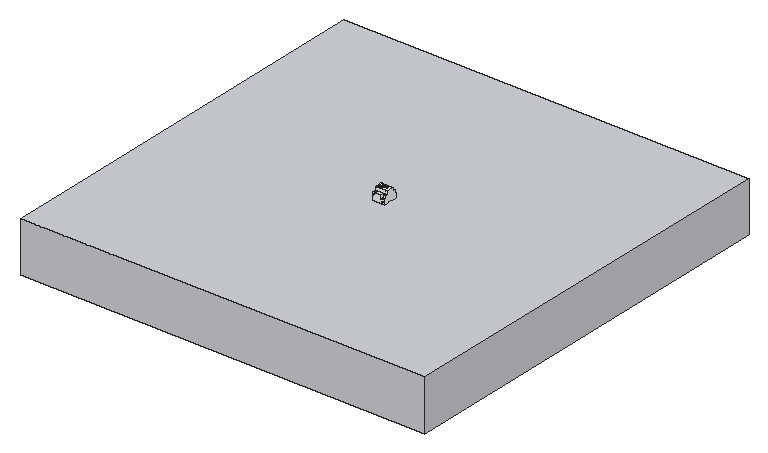
Revit family "Gira_104000", category Elektroinstallationen, Revit 2017
Family settings
  Basisbauteil = Fläche
  Beschriftungsausrichtung beibehalten = Nein
  Bemaßung runder Anschluss = Durchmesser verwenden
  Teiletyp = Normal
  Beim Laden mit Abzugskörper schneiden = Nein
  Gemeinsam genutzt = Nein
  Raumberechnungspunkt = Nein
Parameters (values of type "Schaltaktor 2f 16 A Hand KNX REG")
  Zusammenstellung = ""
  Zulassung nach PTB = no
  Default Elevation = 1219.2 mm
  Vor Ort-/Handbedienung = yes
  Verschiedene Phasen anschließbar = no
  Ventilschutzfunktion = no
  URL = "https://www.gira.de/"
  Typname = "Schaltaktor 2f 16 A Hand KNX REG"
  Type Comments = ""
  Tarifumschaltung = no
  Stellgröße stetig = no
  Stellgröße schaltend = no
  Schutzart (IP) = ""
  S0 Impulsschnittstelle = ""
  Produktseite = "https://media.stage.bim.site/t/eyJhbGciOiJIUzI1NiIsInR5cCI6IkpXVCJ9.eyJjdCI6MiwidHUiOiJodHRwOi8va2F0YWxvZy5naXJhLmRlL2RlX0RFL2RhdGVuYmxhdHQuaHRtbD9hcnRpa2VsbnI9MTA0MDAwIiwiY2lkIjoiMzI3N2NjMjMtODFhOS00ZWUzLWE5MGEtYjQ3YmI0YzBiNjE2IiwicmlkIjoiZWY0Y2NiMTcyNDEzY2MyMTQ2Y2EzYTFkYWIwZjIyZjIiLCJwaWQiOiIzOWI5NTIzZDViZjYxODM3Mzg1ZjQxZGJjZjFjNTE2MzAwODdjMTFhIiwic2lkIjoiNjM0NzAiLCJ1dCI6MSwibGMiOiJkZSIsImlhdCI6MTYwMDkzNzA2MSwiaXNzIjoiaHR0cHM6Ly9hcGkubGl2ZS5iaW0uc2l0ZSIsInN1YiI6ImFkbWluQGJpbXNpdGUuZGV2In0.8Zv8BbNxSNwSBUqNkbaRrFQhjFsXAssejsllW67_GDc"
  Montageart = "REG"
  Modulare Erweiterungsmöglichkeit = no
  Model = ""
  Mit LED-Anzeige = no
  Mit Busankopplung = yes
  Max. Anzahl der Schaltausgänge = 0
  Kosten = 0
  Hersteller = "Gira"
  HeinzeBIM = "https://www.heinze.de/bim/schaltaktor-2f-16-a-hand-knx-reg/39b9523d5bf61837385f41dbcf1c51630087c11a"
  Handschaltung = no
  HAN = "104000"
  Geeignet für C-Last = no
  GTIN = "4010337058359"
  Datenblatt 1 = "https://media.stage.bim.site/t/eyJhbGciOiJIUzI1NiIsInR5cCI6IkpXVCJ9.eyJjdCI6MSwidGYiOiJwdWJsaWMvZ2lyYS9hZThjNTU3LzEwNDAwMC50eHQiLCJjaWQiOiIzMjc3Y2MyMy04MWE5LTRlZTMtYTkwYS1iNDdiYjRjMGI2MTYiLCJyaWQiOiJlZjRjY2IxNzI0MTNjYzIxNDZjYTNhMWRhYjBmMjJmMiIsInBpZCI6IjM5Yjk1MjNkNWJmNjE4MzczODVmNDFkYmNmMWM1MTYzMDA4N2MxMWEiLCJzaWQiOiI2MzQ3MCIsInV0IjoxLCJsYyI6ImRlIiwiaWF0IjoxNjAwOTM3MDYxLCJpc3MiOiJodHRwczovL2FwaS5saXZlLmJpbS5zaXRlIiwic3ViIjoiYWRtaW5AYmltc2l0ZS5kZXYifQ.UYfOQMhGYVoOt2DSCiBZ0cD9aX3RKyEXaMw8Es7M_Cg/104000.txt"
  Datenblatt = "https://media.stage.bim.site/t/eyJhbGciOiJIUzI1NiIsInR5cCI6IkpXVCJ9.eyJjdCI6MSwidHUiOiJodHRwczovL2thdGFsb2cuZ2lyYS5kZS9kZV9ERS9kb3dubG9hZC5odG1sP2FydGlrZWxucj0xMDQwMDAiLCJjaWQiOiIzMjc3Y2MyMy04MWE5LTRlZTMtYTkwYS1iNDdiYjRjMGI2MTYiLCJyaWQiOiJlZjRjY2IxNzI0MTNjYzIxNDZjYTNhMWRhYjBmMjJmMiIsInBpZCI6IjM5Yjk1MjNkNWJmNjE4MzczODVmNDFkYmNmMWM1MTYzMDA4N2MxMWEiLCJzaWQiOiI2MzQ3MCIsInV0IjoxLCJsYyI6ImRlIiwiaWF0IjoxNjAwOTM3MDYxLCJpc3MiOiJodHRwczovL2FwaS5saXZlLmJpbS5zaXRlIiwic3ViIjoiYWRtaW5AYmltc2l0ZS5kZXYifQ.qQ6HUxo8zoYwlXL4RzVMb3jJP8uiX2gtvLEaYTzUKlo"
  Bussystem Powernet = no
  Bussystem LON = no
  Bussystem KNX-Funk = no
  Bussystem KNX = yes
  Bussystem Funkbus = no
  Busspannung pufferbar = no
  Busfähig = ""
  Breite in Teilungseinheiten = 4
  Blindleistung = no
  Beschreibung = "KNX Schaltaktor 2fach 16 A mit Handbetätigung  REG plus REG-Schaltaktoren mit integrierter Busankopplung. Zum Schalten von unabhängig ansteuerbaren Lastgruppen. Mit Handschalter zur Umschaltung des Relais (Ein Aus) parallel bzw. ohne KNX Betrieb. Anschluss mehrphasig. Keine zusätzliche Spannungsversorgung erforderlich.  Merkmale:  Handbetätigung der Relais unabhängig vom Bus bzw. der Schaltstellungsanzeige.  Schließer- oder Öffnerbetrieb.  Zentrale Schaltfunktion.  Sammelrückmeldung zur Reduzierung der Buslast.  Aktive oder passive (Objekt auslesbar) zyklische Rückmeldefunktion.  Rückmeldungen lassen sich nach Busspannungswiederkehr verzögern.  Logische Verknüpfungsfunktion für jeden Ausgang.  Sperrfunktion für jeden Kanal parametrierbar. Alternativ Zwangsstellungsfunktion für jeden Ausgang.  Zeitfunktionen (Ein- bzw. Ausschaltverzögerung, Treppenlichtfunktion - auch mit Vorwarnfunktion).  Einbeziehung in Lichtszenen möglich, max. acht interne Szenen je Kanal sind parametrierbar.  Speicherfunktion für Lichtszenen.  Betriebsstundenzähler als Vorwärts- Rückwärtszähler mit Grenzwertfunktion (Grenzwert über Bus veränderbar) für jeden Ausgang aktivierbar.  Eingangsüberwachung auf zyklische Aktualisierung mit Sicherheitsstellung.  Reaktionen bei Busspannungsausfall und -wiederkehr und nach einem ETS-Programmiervorgang für jeden Kanal einstellbar.  Unabhängiges Schalten der zwei Ausgänge.  Hinweise :  Montage auf DIN-Hutschiene.  VDE-Zulassung gemäß EN 60669-1, EN 60669-2-1."
  Assembly Code = ""
  Keynote = ""
  BIMSITE_PRODUCT_ID = "39b9523d5bf61837385f41dbcf1c51630087c11a"
  BIM = "https://media.stage.bim.site/t/eyJhbGciOiJIUzI1NiIsInR5cCI6IkpXVCJ9.eyJjdCI6MSwidGYiOiJwdWJsaWMvZ2lyYS9hZThjNTU3L1JFRyA4Zi5yZmEiLCJjaWQiOiIzMjc3Y2MyMy04MWE5LTRlZTMtYTkwYS1iNDdiYjRjMGI2MTYiLCJyaWQiOiJlZjRjY2IxNzI0MTNjYzIxNDZjYTNhMWRhYjBmMjJmMiIsInBpZCI6IjM5Yjk1MjNkNWJmNjE4MzczODVmNDFkYmNmMWM1MTYzMDA4N2MxMWEiLCJzaWQiOiI2MzQ3MCIsInV0Ijo1LCJsYyI6ImRlIiwiaWF0IjoxNjAwOTM3MDYxLCJpc3MiOiJodHRwczovL2FwaS5saXZlLmJpbS5zaXRlIiwic3ViIjoiYWRtaW5AYmltc2l0ZS5kZXYifQ.mVKq0KVdInYJVAgzN9ROWB28x7B587l6cNHHaG9_zz8/REG 8f.rfa"
  Ausgangsstrom [Ampere] = ""
  Ausgangsspannung [Volt] = ""
  Ausführung Text = ""
  Art der Spannungsversorgung = ""
  Anzahl der binären Eingänge = 0
  Anzahl der Ausgänge = 0
  Anschlussart = ""
  Andere Bussysteme = "ohne"
Reference planes
  plane 1 "Center (Front/Back)": y = 0
  plane 2: z = 0
  plane 3 "Center (Left/Right)": x = 0
Forms (mm)
  Extrusion 1, solid
    sketch origin (0, 0, 0) x (1, 0, 0) y (0, 1, 0)
      loop
        line (-1219.2, 1219.2) -> (-1219.2, -1219.2) -> (1219.2, -1219.2) -> (1219.2, 1219.2) -> (-1219.2, 1219.2)
    from 0 to -304.8
  Extrusion 2, solid, material "White", detail levels fine
    sketch origin (0, 0, 0) x (0, 1, 0) y (0, 0, 1)
      loop
        line (45.125, -2.619) -> (45.125, 24.95) -> (33.875, 24.95) -> (33.875, 43.8) -> (22.575, 43.8) -> (22.575, 62.05)
        arc (22.575, 62.05) -> (22.311, 62.686) -> (21.675, 62.95) r 0.9
        line (21.675, 62.95) -> (-21.175, 62.95)
        arc (-21.175, 62.95) -> (-21.785, 62.758) -> (-22.175, 62.25) r 1.064
        line (-22.175, 62.25) -> (-22.175, 43.8) -> (-44.725, 43.8) -> (-44.725, -2.619)
        arc (-44.725, -2.619) -> (-31.081, -5.433) -> (-17.243, -7.049) r 160
        line (-17.243, -7.049) -> (-13.165, -1.734) -> (-16.399, -0.807) -> (-16.399, 0) -> (17.8, 0) -> (17.8, -1.4) -> (16.8, -1.4) -> (14.749, -4.952)
        arc (14.749, -4.952) -> (18.64, -6.184) -> (22.7, -6.6) r 20
        arc (22.7, -6.6) -> (33.983, -5.009) -> (45.125, -2.619) r 160
    from -36 to 36
  Extrusion 3, void, detail levels fine
    sketch origin (0, 0, 0) x (1, 0, 0) y (0, 1, 0)
      loop
        circle (30, 26.925) r 2.55
      loop
        circle (21.75, 26.925) r 2.55
      loop
        circle (12.75, 26.925) r 2.55
      loop
        circle (4.5, 26.925) r 2.55
      loop
        circle (-4.5, 26.925) r 2.55
      loop
        circle (-12.75, 26.925) r 2.55
      loop
        circle (-21.75, 26.925) r 2.55
      loop
        circle (-30, 26.925) r 2.55
    from 37.936 to 43.8
  Extrusion 4, void, detail levels fine
    sketch origin (0, 11.25, -18.85) x (1, 0, 0) y (0, 1, 0)
      loop
        circle (30, 26.925) r 2.55
      loop
        circle (21.75, 26.925) r 2.55
      loop
        circle (12.75, 26.925) r 2.55
      loop
        circle (4.5, 26.925) r 2.55
      loop
        circle (-4.5, 26.925) r 2.55
      loop
        circle (-12.75, 26.925) r 2.55
      loop
        circle (-21.75, 26.925) r 2.55
      loop
        circle (-30, 26.925) r 2.55
    from 37.936 to 43.8
  Extrusion 5, void, detail levels fine
    sketch origin (0, 0, 0) x (1, 0, 0) y (0, 1, 0)
      loop
        circle (-13, -3.875) r 3
      loop
        circle (-23, -3.875) r 3
      loop
        circle (-23, -13.875) r 3
      loop
        circle (-13, -13.875) r 3
      loop
        circle (-29, -3.875) r 1.575
      loop
        circle (-29, -13.875) r 1.575
      loop
        circle (-7, -13.875) r 1.575
      loop
        circle (-15.4, 5.325) r 1.625
      loop
        circle (-11, 5.325) r 1.575
      loop
        circle (-6.6, 5.325) r 1.625
      loop
        circle (-2.2, 5.325) r 1.625
      loop
        circle (2.2, 5.325) r 1.625
      loop
        circle (6.6, 5.325) r 1.625
      loop
        circle (11, 5.325) r 1.575
      loop
        circle (15.4, 5.325) r 1.625
    from 58.253 to 62.95
  Extrusion 6, void, detail levels fine
    sketch origin (0, 0, 0) x (1, 0, 0) y (0, 1, 0)
      loop
        line (-32.175, -32.6) -> (-32.175, -34.9) -> (-31.24, -34.36) -> (-31.401, -37.165) -> (-32.175, -36.7) -> (-32.175, -44.875) -> (-20.175, -44.875) -> (-20.175, -37.33) -> (-19.075, -37.965) -> (-19.075, -33.635) -> (-20.175, -34.27) -> (-20.175, -32.6) -> (-32.175, -32.6)
    from 28.5 to 43.8
  Extrusion 7, solid, detail levels fine
    sketch origin (0, 0, 0) x (1, 0, 0) y (0, 1, 0)
      loop
        circle (-29.375, -36.2) r 0.5
      loop
        circle (-23.575, -36.2) r 0.5
    from 28.5 to 37.5
  Extrusion 8, void, detail levels fine
    sketch origin (0, 0, 0) x (1, 0, 0) y (0, 1, 0)
      loop
        line (15.289, -31.489) -> (15.289, -44.875) -> (36, -44.875) -> (36, -31.489) -> (15.289, -31.489)
    from 25 to 43.8
  Extrusion 9, void, detail levels fine
    sketch origin (0, 0, 0) x (1, 0, 0) y (0, 1, 0)
      loop
        circle (21.75, -37.925) r 2.55
      loop
        circle (30, -37.925) r 2.55
    from 19.086 to 24.95
  Extrusion 10, void, detail levels fine
    sketch origin (0, 0, 0) x (1, 0, 0) y (0, 0, 1)
      loop
        line (32.368, 26.75) -> (32.35, 28.865) -> (32.319, 32.45) -> (27.731, 32.45) -> (27.682, 26.75) -> (32.368, 26.75)
      loop
        line (24.118, 26.75) -> (24.1, 28.865) -> (24.069, 32.45) -> (19.481, 32.45) -> (19.432, 26.75) -> (24.118, 26.75)
      loop
        line (15.118, 26.75) -> (15.1, 28.865) -> (15.069, 32.45) -> (10.481, 32.45) -> (10.432, 26.75) -> (15.118, 26.75)
      loop
        line (6.868, 26.75) -> (6.85, 28.865) -> (6.819, 32.45) -> (2.231, 32.45) -> (2.182, 26.75) -> (6.868, 26.75)
      loop
        line (-2.182, 26.75) -> (-2.2, 28.865) -> (-2.231, 32.45) -> (-6.819, 32.45) -> (-6.868, 26.75) -> (-2.182, 26.75)
      loop
        line (-10.432, 26.75) -> (-10.45, 28.865) -> (-10.481, 32.45) -> (-15.069, 32.45) -> (-15.118, 26.75) -> (-10.432, 26.75)
      loop
        line (-19.35, 26.75) -> (-19.369, 28.865) -> (-19.4, 32.45) -> (-23.987, 32.45) -> (-24.037, 26.75) -> (-19.35, 26.75)
      loop
        line (-27.682, 26.75) -> (-27.7, 28.865) -> (-27.731, 32.45) -> (-32.319, 32.45) -> (-32.368, 26.75) -> (-27.682, 26.75)
    from -29.206 to -33.875
  Extrusion 11, void, detail levels fine
    sketch origin (0, 11.25, -19.567) x (1, 0, 0) y (0, 0, 1)
      loop
        line (32.368, 26.75) -> (32.35, 28.865) -> (32.319, 32.45) -> (27.731, 32.45) -> (27.682, 26.75) -> (32.368, 26.75)
      loop
        line (24.118, 26.75) -> (24.1, 28.865) -> (24.069, 32.45) -> (19.481, 32.45) -> (19.432, 26.75) -> (24.118, 26.75)
      loop
        line (15.118, 26.75) -> (15.1, 28.865) -> (15.069, 32.45) -> (10.481, 32.45) -> (10.432, 26.75) -> (15.118, 26.75)
      loop
        line (6.868, 26.75) -> (6.85, 28.865) -> (6.819, 32.45) -> (2.231, 32.45) -> (2.182, 26.75) -> (6.868, 26.75)
      loop
        line (-2.182, 26.75) -> (-2.2, 28.865) -> (-2.231, 32.45) -> (-6.819, 32.45) -> (-6.868, 26.75) -> (-2.182, 26.75)
      loop
        line (-10.432, 26.75) -> (-10.45, 28.865) -> (-10.481, 32.45) -> (-15.069, 32.45) -> (-15.118, 26.75) -> (-10.432, 26.75)
      loop
        line (-19.35, 26.75) -> (-19.369, 28.865) -> (-19.4, 32.45) -> (-23.987, 32.45) -> (-24.037, 26.75) -> (-19.35, 26.75)
      loop
        line (-27.682, 26.75) -> (-27.7, 28.865) -> (-27.731, 32.45) -> (-32.319, 32.45) -> (-32.368, 26.75) -> (-27.682, 26.75)
    from -29.206 to -33.875
  Extrusion 12, void, detail levels fine
    sketch origin (0, 0, 0) x (1, 0, 0) y (0, 0, 1)
      loop
        line (32.319, 12.883) -> (27.731, 12.883) -> (27.682, 7.183) -> (32.368, 7.183) -> (32.35, 9.298) -> (32.319, 12.883)
      loop
        line (24.069, 12.883) -> (19.481, 12.883) -> (19.432, 7.183) -> (24.118, 7.183) -> (24.1, 9.298) -> (24.069, 12.883)
    from 40.588 to 44.725
  Extrusion 13, solid, material "White", detail levels fine
    sketch origin (0, 0, 0) x (1, 0, 0) y (0, 1, 0)
      loop
        circle (-15.4, 5.325) r 1.625
      loop
        circle (-11, 5.325) r 1.575
      loop
        circle (-6.6, 5.325) r 1.625
      loop
        circle (-2.2, 5.325) r 1.625
      loop
        circle (2.2, 5.325) r 1.625
      loop
        circle (6.6, 5.325) r 1.625
      loop
        circle (11, 5.325) r 1.575
      loop
        circle (15.4, 5.325) r 1.625
      loop
        circle (-29, -3.875) r 1.575
      loop
        circle (-29, -13.875) r 1.575
      loop
        circle (-7, -13.875) r 1.575
    from 58.253 to 62.25
  Extrusion 14, solid, material "White", detail levels fine
    sketch origin (0, 0, 0) x (1, 0, 0) y (0, 1, 0)
      loop
        circle (-23, -3.875) r 3
      loop
        circle (-13, -3.875) r 3
      loop
        circle (-23, -13.875) r 3
      loop
        circle (-13, -13.875) r 3
    from 58.253 to 63.841
  Extrusion 15, solid, material "White", detail levels medium
    sketch origin (0, 0, 0) x (0, 1, 0) y (0, 0, 1)
      loop
        line (45.125, -7.049) -> (45.125, 24.95) -> (33.875, 24.95) -> (33.875, 43.8) -> (22.575, 43.8) -> (22.575, 63.841) -> (-22.175, 63.841) -> (-22.175, 43.8) -> (-44.725, 43.8) -> (-44.725, -7.049) -> (45.125, -7.049)
    from -36 to 36
  Extrusion 16, solid, material "White", detail levels coarse
    sketch origin (0, 0, 0) x (0, 1, 0) y (0, 0, 1)
      loop
        line (45.125, -7.049) -> (45.125, 63.841) -> (-44.725, 63.841) -> (-44.725, -7.049) -> (45.125, -7.049)
    from -36 to 36
Cuts and joins
  Extrusion 3, Extrusion 4, Extrusion 5, Extrusion 6, Extrusion 8, Extrusion 9, Extrusion 10, Extrusion 11, Extrusion 12 cuts Extrusion 2
Dimensions and locks
  aligned and locked: plane 2 to Extrusion 1
  aligned and locked: level to Extrusion 1
